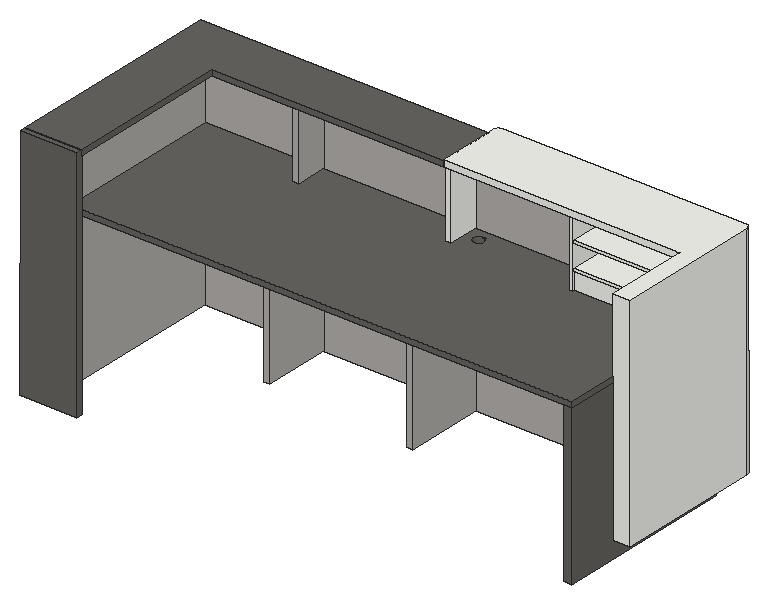
Revit family "Table-Teknion-CWRF_Reception_Full_Enclosure-R2016", category Furniture, Revit 2018
Family settings
  OmniClass Number = 23.40.20.00
  OmniClass Title = General Furniture and Specialties
  Work Plane-Based = No
  Always vertical = Yes
  Cut with Voids When Loaded = No
  Shared = Yes
  Room Calculation Point = No
Parameters (values of type "Right Transaction Counter")
  Worksurface Finish [instance] = Wood - Teknion - DZ - Truffle
  Width Availability [instance] = if(Center, "132, 144, and 156 Inches", "84, 96, 108, 120, 132, 144, and 156")  # "84, 96, 108, 120, 132, 144, and 156"
  Width 2 [instance] = Width  # 96.000"
  Width [instance] = 96.000"
  Warranty = "http://www.teknion.com/ca/papers/legal-canada"
  Unit Weight URL = "http://www.teknion.com/ca/tools/assets#&asset=bee6a381-b954-425e-8283-5a2de3a804f2,f828d448-4b62-4231-9e5f-9a8991c0ed77"
  URL = "www.teknion.com"
  Transaction Finish [instance] = Wood - Teknion - MV - Solid Surface - Glacier White
  Transaction Counter Modesty Offset [instance] = if(Width > 84.000", 20.000", 16.000")  # 20.000"
  To render, please download texture images found here [instance] = "https://assets.teknion.com/web/5e81352c1dfdb467/revit-material-swatches/"
  Sustainability Data = "https://www.teknion.com/ca/tools/assets#&topic=216f99a5-57a0-44fc-b10a-9dee9b29ae4c&asset=444deb64-fe58-4b68-981e-f75e97781df7,b4ff2d81-9f2e-437d-9659-7cffb09c31cf"
  Series = "Custom Wood"
  Right & Center = or(Right, Center)  # yes
  Right = yes
  Product Page URL = "https://www.teknion.com/ca/products/product-details?productLineId=0d82026f-8e7a-673b-a6c8-ff05004460c4"
  Product Line = "Reception"
  Product Documentation Link = "https://assets.teknion.com/m/148e0412a085a50e/original/Teknion-Reception-Sell-Sheet.pdf"
  Part Number = "CWRF"
  Not Center = not(Center)  # yes
  Model = "CWRF_____R"
  Manufacturer Phone = "416-661-3370"  # constant formula
  Manufacturer Fax = "416.661.4586"  # constant formula
  Manufacturer Contact Information = "http://www.teknion.com/ca/contactus"
  Manufacturer Address = "1150 Flint Road, Toronto, ON. M3J 2J5. Canada"  # constant formula
  Manufacturer = "Teknion"  # constant formula
  Underworksurface offset [instance] = if(Width = 84.000", 22.000", if(Width = 96.000", 27.000", if(Width = 108.000", 32.000", if(Width = 120.000", 35.000", if(Width = 132.000", 38.000", if(Width = 144.000", 41.000", 44.000"))))))  # 27.000"
  Left & Center = or(Left, Center)  # no
  Left = no
  How To Use Teknion Materials User Guide [instance] = "https://assets.teknion.com/m/205dd0a49fa58060/original/How-to-add-a-Material-Library-and-Texture-Images-to-your-Revit-project.pdf"
  Hardware Finish [instance] = Seamless Paint - Teknion - Y5 - Atrium White
  Full Length Left [instance] = and(Left, not(Desk Square Addon Left))  # no
  Full Length Right [instance] = and(Right, not(Desk Square Addon Right))  # yes
  For Additional Finishes, please visit [instance] = "https://assets.teknion.com/m/44a8009b046e5d47/original/Teknion_Materials_Library.zip"
  Desk Surface Offset [instance] = if(Width > 108.000", 23.000", 3.000")  # 3.000"
  Desk Square Addon Right [instance] = and(Right, Width > 119.000")  # no
  Desk Square Addon Left [instance] = and(Left, Width > 119.000")  # no
  Description = "Teknion Reception with Full Enclosure, Right Transaction Counter"
  Depth Availability [instance] = "42, 48, and 54 Inches"  # constant formula
  Depth [instance] = 42.000"
  Counter Edge Offset [instance] = if(Width = 84.000", 39.000", if(Width = 96.000", 42.000", if(Width = 108.000", 45.000", if(Width = 120.000", 48.000", if(Width = 132.000", 51.000", if(Width = 144.000", 54.000", 57.000"))))))  # 42.000"
  Center Offest [instance] = if(Width = 144.000", 30.000", if(Width = 156.000", 28.500", 27.000"))  # 27.000"
  Center = no
  Base Finish [instance] = Veneer-Teknion-5S-Flintwood-Silverwash
  Assembly Code = "E2020200"
Reference planes (in)
  plane 1 "Center Front/Back": y = 0
  plane 2: z = 0
  plane 3 "Center Left/Right": x = 0
  plane 4 "Left": x = -48
  plane 5 "Right": x = 48
  plane 6 "Back": y = 21
  plane 7 "Front": y = -21
  plane 8 "Top": z = 42.12156
  plane 9: x = -45
  plane 10: y = 15
  plane 11: x = 45
  plane 12: x = -45
  plane 13: y = -15
  plane 14: x = 45
  plane 15: y = 19
  plane 16: x = -3
  plane 17: x = 3
  plane 18: x = -27
  plane 19: x = 27
  plane 20: x = -44
  plane 21: x = 44
  plane 22: x = -24
  plane 23: x = 24
Forms (in)
  Sweep 1, solid, material "Wood - Teknion - DZ - Truffle" <- "Worksurface Finish", visible <- "Left"
    path origin (0, 0, 0) x (1, 0, 0) y (0, 1, 0)
      loop
        line (0, -15) -> (0, 17)
    profile origin (0, 1, 0) x (-1, 0, 0) y (0, 0, 1)
      loop
        line (45, 28) -> (43.5, 28) -> (43.5, 0) -> (45, 0) -> (45, 28)
  Sweep 2, solid, material "Wood - Teknion - DZ - Truffle" <- "Worksurface Finish", visible <- "Right"
    path origin (0, 0, 0) x (1, 0, 0) y (0, 1, 0)
      loop
        line (0, -15) -> (0, 17)
    profile origin (0, 1, 0) x (-1, 0, 0) y (0, 0, 1)
      loop
        line (-45, 0) -> (-43.5, 0) -> (-43.5, 28) -> (-45, 28) -> (-45, 0)
  Sweep 3, solid, material "Wood - Teknion - DZ - Truffle" <- "Worksurface Finish", visible <- "Left"
    path origin (0, 0, 0) x (1, 0, 0) y (0, 1, 0)
      loop
        line (-3, 19) -> (48, 19) -> (48, -19.961)
    profile origin (22.5, 19, 0) x (0, 1, 0) y (0, 0, 1)
      loop
        line (0, 42) -> (-10, 42) -> (-10, 41.06063) -> (-0.75, 41.06063) -> (-0.75, 38) -> (-0.05906, 38) -> (-0.05906, 41.00157) -> (-0.17717, 41.00157) -> (-0.17717, 41.06063) -> (0, 41.06063) -> (0, 42)
  Sweep 4, solid, material "Wood - Teknion - DZ - Truffle" <- "Worksurface Finish", visible <- "Right"
    path origin (0, 0, 0) x (1, 0, 0) y (0, 1, 0)
      loop
        line (3, 19) -> (-48, 19) -> (-48, -19.961)
    profile origin (-22.5, 19, 0) x (0, -1, 0) y (0, 0, 1)
      loop
        line (0, 42) -> (0, 41.06063) -> (0.17717, 41.06063) -> (0.17717, 41.00157) -> (0.05906, 41.00157) -> (0.05906, 38) -> (0.75, 38) -> (0.75, 41.06063) -> (10, 41.06063) -> (10, 42) -> (0, 42)
  Sweep 5, solid, material "Veneer-Teknion-5S-Flintwood-Silverwash" <- "Base Finish", visible <- "Left"
    path origin (0, 0, 0) x (1, 0, 0) y (0, 1, 0)
      loop
        line (-3, 15) -> (44, 15) -> (44, -19.961)
    profile origin (20.5, 15, 0) x (0, 1, 0) y (0, 0, 1)
      loop
        line (1, 41) -> (0, 41) -> (0, 0) -> (1, 0) -> (1, 41)
  Sweep 6, solid, material "Veneer-Teknion-5S-Flintwood-Silverwash" <- "Base Finish", visible <- "Right"
    path origin (0, 0, 0) x (1, 0, 0) y (0, 1, 0)
      loop
        line (3, 15) -> (-44, 15) -> (-44, -19.961)
    profile origin (-20.5, 15, 0) x (0, -1, 0) y (0, 0, 1)
      loop
        line (-1, 0) -> (0, 0) -> (0, 41) -> (-1, 41) -> (-1, 0)
  Sweep 7, solid, material "Wood - Teknion - DZ - Truffle" <- "Worksurface Finish", visible <- "Left & Center"
    path origin (0, 0, 0) x (1, 0, 0) y (0, 0, 1)
      loop
        line (0, 42) -> (0, 0)
    profile origin (0, 0, 21) x (0, -1, 0) y (1, 0, 0)
      loop
        line (19.961, 38) -> (21, 38) -> (21, 48) -> (19.961, 48) -> (19.961, 38)
  Sweep 8, solid, material "Wood - Teknion - DZ - Truffle" <- "Worksurface Finish", visible <- "Right & Center"
    path origin (0, 0, 0) x (1, 0, 0) y (0, 0, 1)
      loop
        line (0, 0) -> (0, 42)
    profile origin (0, 0, 21) x (-1, 0, 0) y (0, -1, 0)
      loop
        line (48, 19.961) -> (48, 21) -> (38, 21) -> (38, 19.961) -> (48, 19.961)
  Sweep 9, solid, material "Veneer-Teknion-5S-Flintwood-Silverwash" <- "Base Finish", visible <- "Left"
    path origin (0, 0, 0) x (1, 0, 0) y (0, 0, 1)
      loop
        line (0, 3.05906) -> (0, 41)
    profile origin (0, 0, 22.02953) x (-1, 0, 0) y (0, -1, 0)
      loop
        line (-45.5, -16.5) -> (2.8, -16.5) -> (2.8, -16) -> (-45.5, -16) -> (-45.5, -16.5)
  Sweep 10, solid, material "Veneer-Teknion-5S-Flintwood-Silverwash" <- "Base Finish", visible <- "Left & Center"
    path origin (0, 0, 0) x (1, 0, 0) y (0, 0, 1)
      loop
        line (0, 3.05906) -> (0, 41)
    profile origin (0, 0, 22.02953) x (-1, 0, 0) y (0, -1, 0)
      loop
        line (-45.5, -16) -> (-45, -16) -> (-45, 19.961) -> (-45.5, 19.961) -> (-45.5, -16)
  Sweep 11, solid, material "Veneer-Teknion-5S-Flintwood-Silverwash" <- "Base Finish", visible <- "Right"
    path origin (0, 0, 0) x (1, 0, 0) y (0, 0, 1)
      loop
        line (0, 3.05906) -> (0, 41)
    profile origin (0, 0, 22.02953) x (-1, 0, 0) y (0, -1, 0)
      loop
        line (-2.8, -16.5) -> (45.5, -16.5) -> (45.5, -16) -> (-2.8, -16) -> (-2.8, -16.5)
  Sweep 12, solid, material "Veneer-Teknion-5S-Flintwood-Silverwash" <- "Base Finish", visible <- "Right & Center"
    path origin (0, 0, 0) x (1, 0, 0) y (0, 0, 1)
      loop
        line (0, 3.05906) -> (0, 41)
    profile origin (0, 0, 22.02953) x (-1, 0, 0) y (0, -1, 0)
      loop
        line (45.5, -16) -> (45.5, 19.961) -> (45, 19.961) -> (45, -16) -> (45.5, -16)
  Sweep 13, solid, material "Veneer-Teknion-5S-Flintwood-Silverwash" <- "Base Finish", visible <- "Left"
    path origin (0, 0, 0) x (1, 0, 0) y (0, 1, 0)
      loop
        line (0, 15) -> (0, 16)
    profile origin (0, 15.5, 0) x (-1, 0, 0) y (0, 0, 1)
      loop
        arc (25.5, 27) -> (25.14645, 27.14645) -> (25, 27.5) r 0.5
        line (25, 27.5) -> (25, 41) -> (3, 41) -> (3, 0) -> (43.5, 0) -> (43.5, 27) -> (25.5, 27)
  Sweep 14, solid, material "Veneer-Teknion-5S-Flintwood-Silverwash" <- "Base Finish", visible <- "Right"
    path origin (0, 0, 0) x (1, 0, 0) y (0, 1, 0)
      loop
        line (0, 15) -> (0, 16)
    profile origin (0, 15.5, 0) x (-1, 0, 0) y (0, 0, 1)
      loop
        line (-25.5, 27) -> (-43.5, 27) -> (-43.5, 0) -> (-3, 0) -> (-3, 41) -> (-25, 41) -> (-25, 27.5)
        arc (-25, 27.5) -> (-25.14645, 27.14645) -> (-25.5, 27) r 0.5
  Sweep 15, solid, material "Wood - Teknion - DZ - Truffle" <- "Worksurface Finish", visible <- "Center"
    path origin (0, 0, 0) x (1, 0, 0) y (0, 1, 0)
      loop
        line (-27, 19) -> (-48, 19) -> (-48, -19.961)
    profile origin (-37.5, 19, 0) x (0, -1, 0) y (0, 0, 1)
      loop
        line (0, 42) -> (0, 41.06063) -> (0.17717, 41.06063) -> (0.17717, 41.00157) -> (0.05906, 41.00157) -> (0.05906, 38) -> (0.75, 38) -> (0.75, 41.06063) -> (10, 41.06063) -> (10, 42) -> (0, 42)
  Sweep 16, solid, material "Wood - Teknion - DZ - Truffle" <- "Worksurface Finish", visible <- "Center"
    path origin (0, 0, 0) x (1, 0, 0) y (0, 1, 0)
      loop
        line (27, 19) -> (48, 19) -> (48, -19.961)
    profile origin (37.5, 19, 0) x (0, 1, 0) y (0, 0, 1)
      loop
        line (-0.05906, 41.00157) -> (-0.17717, 41.00157) -> (-0.17717, 41.06063) -> (0, 41.06063) -> (0, 42) -> (-10, 42) -> (-10, 41.06063) -> (-0.75, 41.06063) -> (-0.75, 38) -> (-0.05906, 38) -> (-0.05906, 41.00157)
  Sweep 17, solid, material "Veneer-Teknion-5S-Flintwood-Silverwash" <- "Base Finish", visible <- "Center"
    path origin (0, 0, 0) x (1, 0, 0) y (0, 0, 1)
      loop
        line (0, 0) -> (0, 41)
    profile origin (0, 0, 20.5) x (-1, 0, 0) y (0, -1, 0)
      loop
        line (44, -15) -> (27, -15) -> (27, -16) -> (45, -16) -> (45, 19.961) -> (44, 19.961) -> (44, -15)
      loop
        line (-44, -15) -> (-44, 19.961) -> (-45, 19.961) -> (-45, -16) -> (-27, -16) -> (-27, -15) -> (-44, -15)
  Sweep 18, solid, material "Veneer-Teknion-5S-Flintwood-Silverwash" <- "Base Finish", visible <- "Center"
    path origin (0, 0, 0) x (1, 0, 0) y (0, 0, 1)
      loop
        line (0, 3.05906) -> (0, 41)
    profile origin (0, 0, 22.02953) x (-1, 0, 0) y (0, -1, 0)
      loop
        line (45.5, -16.5) -> (45.5, -16) -> (27, -16) -> (27, -16.5) -> (45.5, -16.5)
      loop
        line (-45.5, -16.5) -> (-27, -16.5) -> (-27, -16) -> (-45.5, -16) -> (-45.5, -16.5)
  Sweep 19, solid, material "Veneer-Teknion-5S-Flintwood-Silverwash" <- "Base Finish", visible <- "Center"
    path origin (0, 0, 0) x (1, 0, 0) y (0, 0, 1)
      loop
        line (0, 0) -> (0, 28)
    profile origin (0, 0, 14) x (-1, 0, 0) y (0, -1, 0)
      loop
        line (27, -15) -> (27, -7) -> (25.961, -7) -> (25.961, -15) -> (27, -15)
      loop
        line (-25.961, -15) -> (-25.961, -7) -> (-27, -7) -> (-27, -15) -> (-25.961, -15)
  Sweep 20, solid, material "Veneer-Teknion-5S-Flintwood-Silverwash" <- "Base Finish", visible <- "Left"
    path origin (0, 0, 0) x (1, 0, 0) y (0, 0, 1)
      loop
        line (0, 0) -> (0, 28)
    profile origin (0, 0, 14) x (-1, 0, 0) y (0, -1, 0)
      loop
        line (3, -1) -> (3, -15) -> (4, -15) -> (4, -1) -> (3, -1)
  Sweep 21, solid, material "Veneer-Teknion-5S-Flintwood-Silverwash" <- "Base Finish", visible <- "Right"
    path origin (0, 0, 0) x (1, 0, 0) y (0, 0, 1)
      loop
        line (0, 0) -> (0, 28)
    profile origin (0, 0, 14) x (-1, 0, 0) y (0, -1, 0)
      loop
        line (-4, -15) -> (-3, -15) -> (-3, -1) -> (-4, -1) -> (-4, -15)
  Sweep 22, solid, material "Wood - Teknion - DZ - Truffle" <- "Worksurface Finish", visible <- "Center"
    path origin (0, 0, 0) x (1, 0, 0) y (0, 1, 0)
      loop
        line (0, -15) -> (0, 15)
    profile origin (0, 0, 0) x (-1, 0, 0) y (0, 0, 1)
      loop
        line (-27, 28) -> (27, 28) -> (27, 29.039) -> (-27, 29.039) -> (-27, 28)
  Sweep 23, solid, material "Wood - Teknion - DZ - Truffle" <- "Worksurface Finish", visible <- "Center"
    path origin (0, 0, 0) x (1, 0, 0) y (0, 1, 0)
      loop
        line (0, -15) -> (0, 15)
    profile origin (0, 0, 0) x (-1, 0, 0) y (0, 0, 1)
      loop
        line (44, 29.039) -> (27, 29.039) -> (27, 28) -> (44, 28) -> (44, 29.039)
      loop
        line (-44, 29.039) -> (-44, 28) -> (-27, 28) -> (-27, 29.039) -> (-44, 29.039)
  Sweep 24, solid, material "Wood - Teknion - DZ - Truffle" <- "Worksurface Finish", visible <- "Full Length Right"
    path origin (0, 0, 0) x (1, 0, 0) y (0, 1, 0)
      loop
        line (0, -15) -> (0, 15)
    profile origin (0, 0, 0) x (-1, 0, 0) y (0, 0, 1)
      loop
        line (44, 29.039) -> (-45, 29.039) -> (-45, 28) -> (44, 28) -> (44, 29.039)
  Sweep 25, solid, material "Wood - Teknion - DZ - Truffle" <- "Worksurface Finish", visible <- "Full Length Left"
    path origin (0, 0, 0) x (1, 0, 0) y (0, 1, 0)
      loop
        line (0, -15) -> (0, 15)
    profile origin (0, 0, 0) x (-1, 0, 0) y (0, 0, 1)
      loop
        line (45, 29.039) -> (-44, 29.039) -> (-44, 28) -> (45, 28) -> (45, 29.039)
  Sweep 26, solid, material "Wood - Teknion - DZ - Truffle" <- "Worksurface Finish", visible <- "Desk Square Addon Left"
    path origin (0, 0, 0) x (1, 0, 0) y (0, 1, 0)
      loop
        line (0, -15) -> (0, 15)
    profile origin (0, 0, 0) x (-1, 0, 0) y (0, 0, 1)
      loop
        line (3, 29.039) -> (3, 28) -> (45, 28) -> (45, 29.039) -> (3, 29.039)
  Sweep 27, solid, material "Wood - Teknion - DZ - Truffle" <- "Worksurface Finish", visible <- "Desk Square Addon Left"
    path origin (0, 0, 0) x (1, 0, 0) y (0, 1, 0)
      loop
        line (0, -15) -> (0, 15)
    profile origin (0, 0, 0) x (-1, 0, 0) y (0, 0, 1)
      loop
        line (3, 29.039) -> (-44, 29.039) -> (-44, 28) -> (3, 28) -> (3, 29.039)
  Sweep 28, solid, material "Wood - Teknion - DZ - Truffle" <- "Worksurface Finish", visible <- "Desk Square Addon Right"
    path origin (0, 0, 0) x (1, 0, 0) y (0, 1, 0)
      loop
        line (0, -15) -> (0, 15)
    profile origin (0, 0, 0) x (-1, 0, 0) y (0, 0, 1)
      loop
        line (-3, 29.039) -> (-45, 29.039) -> (-45, 28) -> (-3, 28) -> (-3, 29.039)
  Sweep 29, solid, material "Wood - Teknion - DZ - Truffle" <- "Worksurface Finish", visible <- "Desk Square Addon Right"
    path origin (0, 0, 0) x (1, 0, 0) y (0, 1, 0)
      loop
        line (0, -15) -> (0, 15)
    profile origin (0, 0, 0) x (-1, 0, 0) y (0, 0, 1)
      loop
        line (44, 29.039) -> (-3, 29.039) -> (-3, 28) -> (44, 28) -> (44, 29.039)
  Sweep 30, solid, material "Veneer-Teknion-5S-Flintwood-Silverwash" <- "Base Finish", visible <- "Desk Square Addon Right"
    path origin (0, 0, 0) x (1, 0, 0) y (0, 1, 0)
      loop
        line (3, 0) -> (1.961, 0)
    profile origin (2.4805, 0, 0) x (0, -1, 0) y (0, 0, 1)
      loop
        line (-15, 0) -> (-1, 0) -> (-1, 28) -> (-15, 28) -> (-15, 0)
  Sweep 31, solid, material "Veneer-Teknion-5S-Flintwood-Silverwash" <- "Base Finish", visible <- "Desk Square Addon Left"
    path origin (0, 0, 0) x (1, 0, 0) y (0, 1, 0)
      loop
        line (-3, 0) -> (-1.961, 0)
    profile origin (-2.4805, 0, 0) x (0, 1, 0) y (0, 0, 1)
      loop
        line (15, 0) -> (15, 28) -> (1, 28) -> (1, 0) -> (15, 0)
  Sweep 32, solid, material "Veneer-Teknion-5S-Flintwood-Silverwash" <- "Base Finish", visible <- "Right"
    path origin (0, 0, 0) x (1, 0, 0) y (0, 1, 0)
      loop
        line (-24, 0) -> (-22.961, 0)
    profile origin (-23.4805, 0, 0) x (0, 1, 0) y (0, 0, 1)
      loop
        line (3, 28) -> (3, 0) -> (15, 0) -> (15, 28) -> (3, 28)
      loop
        line (9.5, 41.0625) -> (9.5, 29.039) -> (15, 29.039) -> (15, 41.0625) -> (9.5, 41.0625)
  Sweep 33, solid, material "Veneer-Teknion-5S-Flintwood-Silverwash" <- "Base Finish", visible <- "Left"
    path origin (0, 0, 0) x (1, 0, 0) y (0, 1, 0)
      loop
        line (22.961, 0) -> (24, 0)
    profile origin (23.4805, 0, 0) x (0, 1, 0) y (0, 0, 1)
      loop
        line (3, 0) -> (15, 0) -> (15, 28) -> (3, 28) -> (3, 0)
      loop
        line (9.5, 29.0625) -> (15, 29.0625) -> (15, 41.0625) -> (9.5, 41.0625) -> (9.5, 29.0625)
  Sweep 34, solid, material "Veneer-Teknion-5S-Flintwood-Silverwash" <- "Base Finish", visible <- "Center"
    path origin (0, 0, 0) x (1, 0, 0) y (0, 1, 0)
      loop
        line (0, 15) -> (0, 7)
    profile origin (0, 11, 0) x (1, 0, 0) y (0, 0, 1)
      loop
        line (-27, 28) -> (-28.039, 28) -> (-28.039, 0) -> (-27, 0) -> (-27, 28)
      loop
        line (27, 28) -> (27, 0) -> (28.039, 0) -> (28.039, 28) -> (27, 28)
  Sweep 35, void
    path origin (0, 0, 0) x (1, 0, 0) y (0, 1, 0)
      loop
        line (-45.5, 0) -> (45.5, 0)
    profile origin (0, 0, 0) x (0, 1, 0) y (0, 0, 1)
      loop
        circle (13, 26) r 1.25
  Sweep 36, void
    path origin (0, 0, 0) x (1, 0, 0) y (0, 0, 1)
      loop
        line (0, 29.039) -> (0, 28)
    profile origin (0, 0, 28.5195) x (0, -1, 0) y (1, 0, 0)
      loop
        circle (-12.5, 6.5) r 1
  Sweep 37, void
    path origin (0, 0, 0.125) x (1, 0, 0) y (0, 0, 1)
      loop
        line (0, 28.91437) -> (0, 27.875)
    profile origin (0, 0, 28.51969) x (0, -1, 0) y (1, 0, 0)
      loop
        circle (-12.5, -6.5) r 1
  Sweep 38, void
    path origin (0, 0, 0) x (1, 0, 0) y (0, 0, 1)
      loop
        line (0, 29.039) -> (0, 28)
    profile origin (0, 0, 28.5195) x (0, -1, 0) y (1, 0, 0)
      loop
        circle (-12.5, -23.461) r 1
      loop
        circle (-12.5, 23.461) r 1
  Sweep 39, solid, material "Seamless Paint - Teknion - Y5 - Atrium White" <- "Hardware Finish", visible <- "Right"
    path origin (0, 0, 0) x (1, 0, 0) y (0, 1, 0)
      loop
        line (-43.75, 0) -> (43.25, 0)
    profile origin (-0.25, 0, 0) x (0, 1, 0) y (0, 0, 1)
      loop
        line (0.85, 27.94) -> (0.85, 28) -> (-0.25, 28) -> (-0.25, 26.5) -> (-1.75, 26.5) -> (-1.75, 28) -> (-2.85, 28) -> (-2.85, 27.94) -> (-1.81, 27.94) -> (-1.81, 26.44) -> (-0.19, 26.44) -> (-0.19, 27.94) -> (0.85, 27.94)
  Sweep 40, solid, material "Seamless Paint - Teknion - Y5 - Atrium White" <- "Hardware Finish", visible <- "Left"
    path origin (0, 0, 0) x (1, 0, 0) y (0, 1, 0)
      loop
        line (-43.25, 0) -> (43.75, 0)
    profile origin (0.25, 0, 0) x (0, 1, 0) y (0, 0, 1)
      loop
        line (-2.85, 27.94) -> (-1.81, 27.94) -> (-1.81, 26.44) -> (-0.19, 26.44) -> (-0.19, 27.94) -> (0.85, 27.94) -> (0.85, 28) -> (-0.25, 28) -> (-0.25, 26.5) -> (-1.75, 26.5) -> (-1.75, 28) -> (-2.85, 28) -> (-2.85, 27.94)
  Sweep 41, solid, material "Seamless Paint - Teknion - Y5 - Atrium White" <- "Hardware Finish", visible <- "Center"
    path origin (0, 0, 0) x (1, 0, 0) y (0, 1, 0)
      loop
        line (-43.75, 0) -> (-1.75, 0)
    profile origin (-22.75, 0, 0) x (0, 1, 0) y (0, 0, 1)
      loop
        line (-1.81, 26.44) -> (-0.19, 26.44) -> (-0.19, 27.94) -> (0.85, 27.94) -> (0.85, 28) -> (-0.25, 28) -> (-0.25, 26.5) -> (-1.75, 26.5) -> (-1.75, 28) -> (-2.85, 28) -> (-2.85, 27.94) -> (-1.81, 27.94) -> (-1.81, 26.44)
  Sweep 42, solid, material "Seamless Paint - Teknion - Y5 - Atrium White" <- "Hardware Finish", visible <- "Center"
    path origin (0, 0, 0) x (1, 0, 0) y (0, 1, 0)
      loop
        line (1.75, 0) -> (43.75, 0)
    profile origin (22.75, 0, 0) x (0, 1, 0) y (0, 0, 1)
      loop
        line (-0.19, 26.44) -> (-0.19, 27.94) -> (0.85, 27.94) -> (0.85, 28) -> (-0.25, 28) -> (-0.25, 26.5) -> (-1.75, 26.5) -> (-1.75, 28) -> (-2.85, 28) -> (-2.85, 27.94) -> (-1.81, 27.94) -> (-1.81, 26.44) -> (-0.19, 26.44)
Cuts and joins
  Sweep 35 cuts Sweep 1
  Sweep 35 cuts Sweep 34
  Sweep 35 cuts Sweep 19
  Sweep 35 cuts Sweep 32
  Sweep 35 cuts Sweep 20
  Sweep 35 cuts Sweep 31
  Sweep 35 cuts Sweep 30
  Sweep 35 cuts Sweep 21
  Sweep 35 cuts Sweep 33
  Sweep 35 cuts Sweep 2
  Sweep 36 cuts Sweep 28
  Sweep 36 cuts Sweep 24
  Sweep 37 cuts Sweep 26
  Sweep 37 cuts Sweep 25
  Sweep 38 cuts Sweep 22
Lines and regions (in)
  Masking region 1, visible <- "Right"
    outline origin (0, 0, 0) x (1, 0, 0) y (0, 1, 0)
      loop
        line (-48, 19) -> (-48, -19.961) -> (-38, -19.961) -> (-38, 9) -> (3, 9) -> (3, 19) -> (-48, 19)
  Masking region 2, visible <- "Left"
    outline origin (0, 0, 0) x (1, 0, 0) y (0, 1, 0)
      loop
        line (-3, 19) -> (-3, 9) -> (38, 9) -> (38, -19.961) -> (48, -19.961) -> (48, 19) -> (-3, 19)
  Masking region 3, visible <- "Center"
    outline origin (0, 0, 0) x (1, 0, 0) y (0, 1, 0)
      loop
        line (-27, 19) -> (-48, 19) -> (-48, -19.961) -> (-38, -19.961) -> (-38, 9) -> (-27, 9) -> (-27, 19)
      loop
        line (27, 19) -> (27, 9) -> (38, 9) -> (38, -19.961) -> (48, -19.961) -> (48, 19) -> (27, 19)
  Masking region 4, visible <- "Right & Center"
    outline origin (0, 0, 0) x (1, 0, 0) y (0, 1, 0)
      loop
        line (-48, -21) -> (-38, -21) -> (-38, -19.961) -> (-48, -19.961) -> (-48, -21)
  Masking region 5, visible <- "Left & Center"
    outline origin (0, 0, 0) x (1, 0, 0) y (0, 1, 0)
      loop
        line (38, -19.961) -> (38, -21) -> (48, -21) -> (48, -19.961) -> (38, -19.961)
  Masking region 6, visible <- "Desk Square Addon Right"
    outline origin (0, 0, 0) x (1, 0, 0) y (0, 1, 0)
      loop
        line (-38, 9) -> (-38, -15) -> (3, -15) -> (3, 9) -> (-38, 9)
  Masking region 7, visible <- "Desk Square Addon Right"
    outline origin (0, 0, 0) x (1, 0, 0) y (0, 1, 0)
      loop
        line (3, 9) -> (3, -15) -> (45, -15) -> (45, 9) -> (3, 9)
  Masking region 8, visible <- "Desk Square Addon Left"
    outline origin (0, 0, 0) x (1, 0, 0) y (0, 1, 0)
      loop
        line (-45, 9) -> (-45, -15) -> (-3, -15) -> (-3, 9) -> (-45, 9)
  Masking region 9, visible <- "Desk Square Addon Left"
    outline origin (0, 0, 0) x (1, 0, 0) y (0, 1, 0)
      loop
        line (-3, 9) -> (-3, -15) -> (38, -15) -> (38, 9) -> (-3, 9)
  Masking region 10, visible <- "Center"
    outline origin (0, 0, 0) x (1, 0, 0) y (0, 1, 0)
      loop
        line (-38, 9) -> (-38, -15) -> (-27, -15) -> (-27, 9) -> (-38, 9)
      loop
        line (27, 9) -> (27, -15) -> (38, -15) -> (38, 9) -> (27, 9)
  Masking region 11, visible <- "Center"
    outline origin (0, 0, 0) x (1, 0, 0) y (0, 1, 0)
      loop
        line (-27, 9) -> (-27, -15) -> (27, -15) -> (27, 9) -> (-27, 9)
  Masking region 12, visible <- "Full Length Right"
    outline origin (0, 0, 0) x (1, 0, 0) y (0, 1, 0)
      loop
        line (-38, 9) -> (-38, -15) -> (45, -15) -> (45, 9) -> (-38, 9)
  Masking region 13, visible <- "Full Length Left"
    outline origin (0, 0, 0) x (1, 0, 0) y (0, 1, 0)
      loop
        line (38, 9) -> (-45, 9) -> (-45, -15) -> (38, -15) -> (38, 9)
  symbolic lines, style "FurnitureHiddenLines", visible <- "Left", detail levels medium+fine
    curve 1: line (-43.5, -15, 0) -> (-43.5, 17, 0)
    curve 2: line (-43.5, 17, 0) -> (-45, 17, 0)
    curve 3: line (-45, 17, 0) -> (-45, -15, 0)
    curve 4: line (-45, -15, 0) -> (-43.5, -15, 0)
    curve 18: line (-4, 15, 0) -> (-4, 1, 0)
    curve 19: line (-4, 1, 0) -> (-3, 1, 0)
    curve 20: line (-3, 1, 0) -> (-3, 15, 0)
    curve 21: line (-3, 15, 0) -> (-4, 15, 0)
    curve 39: line (45.5, 16, 0) -> (-3, 16, 0)
    curve 41: line (-3, 16, 0) -> (-43.5, 16, 0)
    curve 83: line (22.961, 3, 0) -> (22.961, 15, 0)
    curve 84: line (22.961, 3, 0) -> (24, 3, 0)
    curve 85: line (24, 3, 0) -> (24, 15, 0)
  symbolic lines, style "FurnitureHiddenLines", visible <- "Right", detail levels medium+fine
    curve 5: line (43.5, 17, 0) -> (43.5, -15, 0)
    curve 6: line (43.5, -15, 0) -> (45, -15, 0)
    curve 7: line (45, -15, 0) -> (45, 17, 0)
    curve 8: line (45, 17, 0) -> (43.5, 17, 0)
    curve 22: line (4, 1, 0) -> (4, 15, 0)
    curve 23: line (4, 15, 0) -> (3, 15, 0)
    curve 24: line (3, 15, 0) -> (3, 1, 0)
    curve 25: line (3, 1, 0) -> (4, 1, 0)
    curve 38: line (3, 16, 0) -> (-45.5, 16, 0)
    curve 40: line (3, 16, 0) -> (43.5, 16, 0)
    curve 79: line (-24, 3, 0) -> (-24, 15, 0)
    curve 80: line (-24, 3, 0) -> (-22.961, 3, 0)
    curve 81: line (-22.961, 3, 0) -> (-22.961, 15, 0)
  symbolic lines, style "FurnitureHiddenLines", visible <- "Center", detail levels medium+fine
    curve 9: line (-25.961, 7, 0) -> (-25.961, 15, 0)
    curve 10: line (-25.961, 15, 0) -> (-27, 15, 0)
    curve 11: line (-27, 15, 0) -> (-27, 7, 0)
    curve 12: line (-27, 7, 0) -> (-25.961, 7, 0)
    curve 13: line (25.961, 15, 0) -> (25.961, 7, 0)
    curve 14: line (25.961, 7, 0) -> (27, 7, 0)
    curve 15: line (27, 7, 0) -> (27, 15, 0)
    curve 16: line (27, 15, 0) -> (25.961, 15, 0)
    curve 17: line (0.75, 15, 0) -> (-0.75, 15, 0)
    curve 27: line (-44, 15, 0) -> (-27, 15, 0)
    curve 28: line (-27, 15, 0) -> (-27, 16, 0)
    curve 29: line (-27, 16, 0) -> (-45.5, 16, 0)
    curve 32: line (45.5, 16, 0) -> (27, 16, 0)
    curve 33: line (27, 16, 0) -> (27, 15, 0)
    curve 34: line (27, 15, 0) -> (44, 15, 0)
    curve 50: line (47.94094, 18.94094, 0) -> (27, 18.94094, 0)
    curve 51: line (47.82283, 18.82283, 0) -> (27, 18.82283, 0)
    curve 52: line (27, 18.25, 0) -> (47.25, 18.25, 0)
    curve 53: line (-27, 18.94094, 0) -> (-47.94094, 18.94094, 0)
    curve 54: line (-27, 18.82283, 0) -> (-47.82283, 18.82283, 0)
    curve 55: line (-47.25, 18.25, 0) -> (-27, 18.25, 0)
  symbolic lines, style "FurnitureHiddenLines", visible <- "Right & Center", detail levels medium+fine
    curve 26: line (-44, -19.961, 0) -> (-44, 15, 0)
    curve 30: line (-45.5, 16, 0) -> (-45.5, -19.961, 0)
    curve 31: line (-45.5, -19.961, 0) -> (-44, -19.961, 0)
    curve 42: line (-38, -15, 0) -> (-45, -15, 0)
    curve 106: line (-45, 16, 0) -> (-45, -19.961, 0)
    curve 109: line (3, 16.5, 0) -> (-45.5, 16.5, 0)
    curve 110: line (-45.5, 16.5, 0) -> (-45.5, 16, 0)
  symbolic lines, style "FurnitureHiddenLines", visible <- "Left & Center", detail levels medium+fine
    curve 35: line (44, 15, 0) -> (44, -19.961, 0)
    curve 36: line (44, -19.961, 0) -> (45, -19.961, 0)
    curve 43: line (38, -15, 0) -> (45, -15, 0)
    curve 78: line (45.5, 16, 0) -> (45.5, -19.961, 0)
    curve 105: line (45, -19.961, 0) -> (45, 16, 0)
    curve 107: line (45.5, 16, 0) -> (45.5, 16.5, 0)
    curve 108: line (45.5, 16.5, 0) -> (-3, 16.5, 0)
  symbolic lines, style "FurnitureHiddenLines", detail levels medium+fine
    curve 37: line (-45, 15, 0) -> (45, 15, 0)
  symbolic lines, style "FurnitureHiddenLines", visible <- "Right & Center", detail levels fine
    curve 44: line (-47.94094, 18.94094, 0) -> (-47.94094, -19.961, 0)
    curve 45: line (-47.82283, 18.82283, 0) -> (-47.82283, -19.961, 0)
    curve 46: line (-47.25, -19.961, 0) -> (-47.25, 18.25, 0)
    curve 90: line (-43.75, -2.85, 0) -> (-43.75, 0.85, 0)
  symbolic lines, style "FurnitureHiddenLines", visible <- "Left & Center", detail levels fine
    curve 47: line (47.94094, -19.961, 0) -> (47.94094, 18.94094, 0)
    curve 48: line (47.82283, -19.961, 0) -> (47.82283, 18.82283, 0)
    curve 49: line (47.25, 18.25, 0) -> (47.25, -19.961, 0)
    curve 94: line (43.75, -2.85, 0) -> (43.75, 0.85, 0)
  symbolic lines, style "FurnitureHiddenLines", visible <- "Right", detail levels fine
    curve 56: line (-47.25, 18.25, 0) -> (3, 18.25, 0)
    curve 57: line (3, 18.82283, 0) -> (-47.82283, 18.82283, 0)
    curve 58: line (3, 18.94094, 0) -> (-47.94094, 18.94094, 0)
    curve 74: arc (6.5, 13.5, 0) -> (7.5, 12.5, 0) -> (6.5, 11.5, 0) r 1
    curve 75: arc (6.5, 11.5, 0) -> (5.5, 12.5, 0) -> (6.5, 13.5, 0) r 1
    curve 82: line (-24, 9.5, 0) -> (-22.961, 9.5, 0)
    curve 101: line (-43.75, 0.85, 0) -> (43.25, 0.85, 0)
    curve 102: line (-43.75, -2.85, 0) -> (43.25, -2.85, 0)
    curve 103: line (43.25, -2.85, 0) -> (43.25, 0.85, 0)
  symbolic lines, style "FurnitureHiddenLines", visible <- "Left", detail levels fine
    curve 59: line (-3, 18.25, 0) -> (47.25, 18.25, 0)
    curve 60: line (47.82283, 18.82283, 0) -> (-3, 18.82283, 0)
    curve 61: line (47.94094, 18.94094, 0) -> (-3, 18.94094, 0)
    curve 76: arc (-6.5, 11.5, 0) -> (-7.5, 12.5, 0) -> (-6.5, 13.5, 0) r 1
    curve 77: arc (-6.5, 13.5, 0) -> (-5.5, 12.5, 0) -> (-6.5, 11.5, 0) r 1
    curve 86: line (22.961, 9.5, 0) -> (24, 9.5, 0)
    curve 99: line (-43.25, -2.85, 0) -> (43.75, -2.85, 0)
    curve 100: line (-43.25, 0.85, 0) -> (43.75, 0.85, 0)
    curve 104: line (-43.25, -2.85, 0) -> (-43.25, 0.85, 0)
  reference lines, not visible
    curve 62: line (-48, 21, 0) -> (48, 21, 0)
    curve 63: line (-48, -21, 0) -> (-48, 21, 0)
    curve 64: line (48, -21, 0) -> (-48, -21, 0)
    curve 65: line (48, 21, 0) -> (48, -21, 0)
  symbolic lines, style "FurnitureHiddenLines", visible <- "Desk Square Addon Right", detail levels medium+fine
    curve 66: line (1.961, 1, 0) -> (3, 1, 0)
    curve 67: line (1.961, 15, 0) -> (1.961, 1, 0)
  symbolic lines, style "FurnitureHiddenLines", visible <- "Desk Square Addon Left", detail levels medium+fine
    curve 68: line (-3, 1, 0) -> (-1.961, 1, 0)
    curve 69: line (-1.961, 1, 0) -> (-1.961, 15, 0)
  symbolic lines, style "FurnitureHiddenLines", visible <- "Center", detail levels fine
    curve 70: arc (-23.461, 13.5, 0) -> (-22.461, 12.5, 0) -> (-23.461, 11.5, 0) r 1
    curve 71: arc (-23.461, 11.5, 0) -> (-24.461, 12.5, 0) -> (-23.461, 13.5, 0) r 1
    curve 72: arc (23.461, 11.5, 0) -> (22.461, 12.5, 0) -> (23.461, 13.5, 0) r 1
    curve 73: arc (23.461, 13.5, 0) -> (24.461, 12.5, 0) -> (23.461, 11.5, 0) r 1
    curve 87: line (-1.75, 0.85, 0) -> (-43.75, 0.85, 0)
    curve 88: line (-43.75, -2.85, 0) -> (-1.75, -2.85, 0)
    curve 89: line (-1.75, -2.85, 0) -> (-1.75, 0.85, 0)
    curve 91: line (1.75, -2.85, 0) -> (1.75, 0.85, 0)
    curve 92: line (43.75, 0.85, 0) -> (1.75, 0.85, 0)
    curve 93: line (1.75, -2.85, 0) -> (43.75, -2.85, 0)
    curve 95: line (-1.75, -1.75, 0) -> (-43.75, -1.75, 0)
    curve 96: line (-43.75, -0.25, 0) -> (-1.75, -0.25, 0)
    curve 97: line (43.75, -1.75, 0) -> (1.75, -1.75, 0)
    curve 98: line (1.75, -0.25, 0) -> (43.75, -0.25, 0)
Dimensions and locks (in)
  "Width": plane 4 "Left" to plane 5 "Right"
  "Depth": plane 6 "Back" to plane 7 "Front"
  locked: plane 8 "Top" to level at 42.12156
  locked: plane 4 "Left" to plane 9 at 3
  plane 6 "Back" to plane 15 to plane 10 = 2.000" locked, 4.000" locked
  locked: plane 11 to plane 5 "Right" at 3
  locked: plane 6 "Back" to plane 13 at 36
  locked: plane 6 "Back" to Sweep 1 sketch curve at 4
  locked: Sweep 1 sketch curve to plane 9 at 1.5
  locked: Sweep 1 sketch curve to level at 28
  locked: plane 11 to Sweep 2 sketch curve at 1.5
  locked: Sweep 2 sketch curve to level at 28
  "Desk Surface Offset": plane 4 "Left" to plane 12
  equal spacing: plane 4 "Left", plane 3 "Center Left/Right", plane 5 "Right"
  "Desk Surface Offset": plane 14 to plane 5 "Right"
  equal spacing: plane 6 "Back", plane 1 "Center Front/Back", plane 7 "Front"
  locked: plane 7 "Front" to Sweep 3 sketch curve at 1.039
  "Counter Edge Offset": plane 9 to plane 16
  "Counter Edge Offset": plane 17 to plane 11
  plane 15 to Sweep 3 sketch curve to Sweep 3 sketch curve to Sweep 3 sketch curve to Sweep 3 sketch curve = 0.05906" locked, 0.11811" locked, 0.57283" locked, 9.250" locked
  Sweep 3 sketch curve to Sweep 3 sketch curve to Sweep 3 sketch curve to Sweep 3 sketch curve to Sweep 3 sketch curve to level = 0.93937" locked, 0.000" locked, 0.05906" locked, 3.00157" locked, 38.000" locked
  locked: plane 7 "Front" to Sweep 4 sketch curve at 1.039
  plane 15 to Sweep 4 sketch curve to Sweep 4 sketch curve to Sweep 4 sketch curve to Sweep 4 sketch curve = 0.05906" locked, 0.11811" locked, 0.57283" locked, 9.250" locked
  Sweep 4 sketch curve to Sweep 4 sketch curve to Sweep 4 sketch curve to Sweep 4 sketch curve to Sweep 4 sketch curve to level = 0.93937" locked, 0.000" locked, 0.05906" locked, 3.00157" locked, 38.000" locked
  locked: plane 7 "Front" to Sweep 5 sketch curve at 1.039
  locked: Sweep 5 sketch curve to level at 41
  locked: Sweep 5 sketch curve to plane 10 at 1
  locked: plane 7 "Front" to Sweep 6 sketch curve at 1.039
  locked: Sweep 6 sketch curve to level at 41
  locked: Sweep 6 sketch curve to plane 10 at 1
  locked: Sweep 7 sketch curve to level at 42
  locked: plane 7 "Front" to Sweep 7 sketch curve at 1.039
  locked: Sweep 7 sketch curve to plane 5 "Right" at 10
  locked: Sweep 8 sketch curve to level at 42
  locked: plane 7 "Front" to Sweep 8 sketch curve at 1.039
  locked: plane 4 "Left" to Sweep 8 sketch curve at 10
  Sweep 9 sketch curve to Sweep 9 sketch curve to level = 37.94094" locked, 3.05906" locked
  locked: plane 16 to Sweep 9 sketch curve at 0.2
  Sweep 9 sketch curve to Sweep 9 sketch curve to plane 10 = 0.500" locked, 1.000" locked
  locked: Sweep 9 sketch curve to plane 5 "Right" at 2.5
  Sweep 10 sketch curve to Sweep 10 sketch curve to level = 37.94094" locked, 3.05906" locked
  locked: plane 7 "Front" to Sweep 10 sketch curve at 1.039
  Sweep 10 sketch curve to Sweep 10 sketch curve to plane 5 "Right" = 0.500" locked, 2.500" locked
  locked: Sweep 10 sketch curve to plane 10 at 1
  Sweep 11 sketch curve to Sweep 11 sketch curve to level = 37.94094" locked, 3.05906" locked
  locked: plane 4 "Left" to Sweep 11 sketch curve at 2.5
  locked: Sweep 11 sketch curve to plane 17 at 0.2
  plane 10 to Sweep 11 sketch curve to Sweep 11 sketch curve = 1.000" locked, 0.500" locked
  Sweep 12 sketch curve to Sweep 12 sketch curve to level = 37.94094" locked, 3.05906" locked
  locked: plane 7 "Front" to Sweep 12 sketch curve at 1.039
  locked: plane 10 to Sweep 12 sketch curve at 1
  plane 4 "Left" to Sweep 12 sketch curve to Sweep 12 sketch curve = 2.500" locked, 0.500" locked
  locked: Sweep 13 sketch curve to plane 10 at 1
  Sweep 13 sketch curve to Sweep 13 sketch curve to Sweep 13 sketch curve to level = 13.500" locked, 0.500" locked, 27.000" locked
  locked: Sweep 13 sketch curve to plane 9 at 1.5
  "Transaction Counter Modesty Offset": Sweep 13 sketch curve to plane 9
  locked: Sweep 13 sketch curve to Sweep 13 sketch curve at 0.5
  locked: Sweep 14 sketch curve to plane 10 at 1
  locked: plane 11 to Sweep 14 sketch curve at 1.5
  "Transaction Counter Modesty Offset": plane 11 to Sweep 14 sketch curve
  locked: Sweep 14 sketch curve to Sweep 14 sketch curve at 0.5
  Sweep 14 sketch curve to Sweep 14 sketch curve to level = 14.000" locked, 27.000" locked
  "Center Offest": plane 18 to plane 3 "Center Left/Right"
  "Center Offest": plane 3 "Center Left/Right" to plane 19
  locked: plane 7 "Front" to Sweep 15 sketch curve at 1.039
  plane 15 to Sweep 15 sketch curve to Sweep 15 sketch curve to Sweep 15 sketch curve to Sweep 15 sketch curve = 0.05906" locked, 0.11811" locked, 0.57283" locked, 9.250" locked
  Sweep 15 sketch curve to Sweep 15 sketch curve to Sweep 15 sketch curve to Sweep 15 sketch curve to Sweep 15 sketch curve to level = 0.93937" locked, 0.000" locked, 0.05906" locked, 3.00157" locked, 38.000" locked
  locked: plane 7 "Front" to Sweep 16 sketch curve at 1.039
  plane 15 to Sweep 16 sketch curve to Sweep 16 sketch curve to Sweep 16 sketch curve to Sweep 16 sketch curve = 0.05906" locked, 0.11811" locked, 0.57283" locked, 9.250" locked
  Sweep 16 sketch curve to Sweep 16 sketch curve to Sweep 16 sketch curve to Sweep 16 sketch curve to Sweep 16 sketch curve to level = 0.93937" locked, 0.000" locked, 0.05906" locked, 3.00157" locked, 38.000" locked
  locked: Sweep 17 sketch curve to level at 41
  locked: plane 7 "Front" to Sweep 17 sketch curve at 1.039  (x2)
  locked: Sweep 17 sketch curve to plane 10 at 1  (x2)
  Sweep 18 sketch curve to Sweep 18 sketch curve to level = 37.94094" locked, 3.05906" locked
  Sweep 18 sketch curve to Sweep 18 sketch curve to plane 10 = 0.500" locked, 1.000" locked  (x2)
  locked: Sweep 19 sketch curve to level at 28
  locked: plane 10 to Sweep 19 sketch curve at 8  (x2)
  locked: plane 18 to Sweep 19 sketch curve at 1.039
  locked: Sweep 19 sketch curve to plane 19 at 1.039
  locked: Sweep 20 sketch curve to level at 28
  locked: Sweep 20 sketch curve to plane 16 at 1
  locked: Sweep 21 sketch curve to level at 28
  locked: plane 17 to Sweep 21 sketch curve at 1
  locked: plane 10 to Sweep 21 sketch curve at 14
  locked: plane 10 to Sweep 20 sketch curve at 14
  locked: plane 4 "Left" to Sweep 18 sketch curve at 2.5
  locked: Sweep 18 sketch curve to plane 5 "Right" at 2.5
  locked: plane 7 "Front" to Masking region 1 sketch curve at 1.039
  locked: plane 6 "Back" to Masking region 1 sketch curve at 12
  locked: plane 4 "Left" to Masking region 1 sketch curve at 10
  locked: plane 6 "Back" to Masking region 2 sketch curve at 12
  locked: Masking region 2 sketch curve to plane 5 "Right" at 10
  locked: plane 7 "Front" to Masking region 2 sketch curve at 1.039
  locked: plane 4 "Left" to Masking region 3 sketch curve at 10
  locked: plane 6 "Back" to Masking region 3 sketch curve at 12  (x2)
  locked: plane 7 "Front" to Masking region 3 sketch curve at 1.039  (x2)
  locked: Masking region 3 sketch curve to plane 5 "Right" at 10
  locked: curve 38 to plane 9 at 0.5
  locked: plane 11 to curve 39 at 0.5
  locked: curve 40 to plane 11 at 1.5
  locked: plane 9 to curve 41 at 1.5
  curve 43 to curve 43 to plane 11 = 7.000" locked, 0.000" locked
  plane 9 to curve 42 to curve 42 = 0.000" locked, 7.000" locked
  locked: plane 4 "Left" to plane 20 at 4
  locked: plane 21 to plane 5 "Right" at 4
  locked: Sweep 17 sketch curve to plane 20 at 1
  locked: plane 21 to Sweep 17 sketch curve at 1
  Sweep 22 sketch curve to Sweep 22 sketch curve to level = 1.039" locked, 28.000" locked
  Sweep 23 sketch curve to Sweep 23 sketch curve to Sweep 23 sketch curve to Sweep 23 sketch curve to level = 0.000" locked, 1.039" locked, 0.000" locked, 28.000" locked
  Sweep 24 sketch curve to Sweep 24 sketch curve to level = 1.039" locked, 28.000" locked
  Sweep 25 sketch curve to Sweep 25 sketch curve to level = 1.039" locked, 28.000" locked
  Sweep 26 sketch curve to Sweep 26 sketch curve to level = 1.039" locked, 28.000" locked
  Sweep 27 sketch curve to Sweep 27 sketch curve to level = 1.039" locked, 28.000" locked
  Sweep 28 sketch curve to Sweep 28 sketch curve to level = 1.039" locked, 28.000" locked
  Sweep 29 sketch curve to Sweep 29 sketch curve to level = 1.039" locked, 28.000" locked
  locked: Sweep 30 sketch curve to plane 17 at 1.039
  plane 6 "Back" to Sweep 30 sketch curve to Sweep 30 sketch curve = 6.000" locked, 14.000" locked
  locked: Sweep 30 sketch curve to level at 28
  locked: plane 16 to Sweep 31 sketch curve at 1.039
  locked: Sweep 31 sketch curve to level at 28
  plane 6 "Back" to Sweep 31 sketch curve to Sweep 31 sketch curve = 6.000" locked, 14.000" locked
  "Underworksurface offset": plane 22 to plane 17
  "Underworksurface offset": plane 16 to plane 23
  locked: plane 22 to Sweep 32 sketch curve at 1.039
  Sweep 32 sketch curve to Sweep 32 sketch curve to Sweep 32 sketch curve to level = 12.0235", 1.039", 28.000"
  plane 6 "Back" to Sweep 32 sketch curve to Sweep 32 sketch curve to Sweep 32 sketch curve to Sweep 32 sketch curve = 6.000" locked, 0.000" locked, 5.500" locked, 6.500" locked
  locked: Sweep 33 sketch curve to plane 23 at 1.039
  Sweep 33 sketch curve to Sweep 33 sketch curve to Sweep 33 sketch curve to level = 12.000" locked, 1.0625" locked, 28.000" locked
  plane 6 "Back" to Sweep 33 sketch curve to Sweep 33 sketch curve to Sweep 33 sketch curve to Sweep 33 sketch curve = 6.000" locked, 0.000" locked, 5.500" locked, 6.500" locked
  locked: plane 10 to Sweep 34 sketch curve at 8
  locked: Sweep 34 sketch curve to plane 18 at 1.039
  locked: Sweep 34 sketch curve to plane 19 at 1.039
  Sweep 34 sketch curve to Sweep 34 sketch curve to level = 0.000" locked, 28.000" locked
  locked: plane 4 "Left" to Sweep 35 sketch curve at 2.5
  locked: Sweep 35 sketch curve to plane 5 "Right" at 2.5
  locked: plane 10 to Sweep 35 sketch curve at 2
  locked: Sweep 35 sketch curve to level at 26
  locked: plane 17 to Sweep 36 sketch curve at 3.5
  locked: plane 6 "Back" to Sweep 36 sketch curve at 8.5
  Sweep 37 sketch curve to Sweep 37 sketch curve to level = 1.03937" locked, 28.000" locked
  locked: plane 6 "Back" to Sweep 37 sketch curve at 8.5
  locked: Sweep 37 sketch curve to plane 16 at 3.5
  Sweep 36 sketch curve to Sweep 36 sketch curve to level = 1.039" locked, 28.000" locked
  Sweep 38 sketch curve to Sweep 38 sketch curve to level = 1.039" locked, 28.000" locked
  locked: plane 18 to Sweep 38 sketch curve at 3.539
  locked: Sweep 38 sketch curve to plane 19 at 3.539
  locked: plane 6 "Back" to Sweep 38 sketch curve at 8.5  (x2)
  locked: plane 4 "Left" to Masking region 6 sketch curve at 10
  locked: plane 6 "Back" to Masking region 6 sketch curve at 12
  locked: plane 6 "Back" to Masking region 7 sketch curve at 12
  locked: Masking region 7 sketch curve to plane 5 "Right" at 3
  locked: plane 4 "Left" to Masking region 8 sketch curve at 3
  locked: plane 6 "Back" to Masking region 8 sketch curve at 12
  locked: plane 6 "Back" to Masking region 9 sketch curve at 12
  locked: Masking region 9 sketch curve to plane 5 "Right" at 10
  locked: plane 4 "Left" to Masking region 10 sketch curve at 10
  plane 6 "Back" to Masking region 10 sketch curve to Masking region 10 sketch curve = 12.000" locked, 0.000" locked
  locked: Masking region 10 sketch curve to plane 5 "Right" at 10
  locked: plane 6 "Back" to Masking region 11 sketch curve at 12
  locked: plane 6 "Back" to Masking region 12 sketch curve at 12
  locked: plane 4 "Left" to Masking region 12 sketch curve at 10
  locked: Masking region 12 sketch curve to plane 5 "Right" at 3
  locked: plane 4 "Left" to Masking region 13 sketch curve at 3
  locked: Masking region 13 sketch curve to plane 5 "Right" at 10
  locked: plane 6 "Back" to Masking region 13 sketch curve at 12
  locked: plane 4 "Left" to Sweep 39 sketch curve at 4.25
  locked: Sweep 39 sketch curve to plane 5 "Right" at 4.75
  Sweep 39 sketch curve to Sweep 39 sketch curve to Sweep 39 sketch curve to Sweep 39 sketch curve to Sweep 39 sketch curve to Sweep 39 sketch curve to plane 13 = 1.040" locked, 0.060" locked, 1.500" locked, 0.060" locked, 1.040" locked, 12.150" locked
  Sweep 39 sketch curve to Sweep 39 sketch curve to Sweep 39 sketch curve to Sweep 39 sketch curve to Sweep 39 sketch curve to Sweep 39 sketch curve to level = 0.000" locked, 0.060" locked, 0.000" locked, 1.440" locked, 0.060" locked, 26.440" locked
  locked: plane 4 "Left" to Sweep 40 sketch curve at 4.75
  locked: Sweep 40 sketch curve to plane 5 "Right" at 4.25
  plane 13 to Sweep 40 sketch curve to Sweep 40 sketch curve to Sweep 40 sketch curve to Sweep 40 sketch curve to Sweep 40 sketch curve to Sweep 40 sketch curve = 12.150" locked, 1.040" locked, 0.060" locked, 1.500" locked, 0.060" locked, 1.040" locked
  Sweep 40 sketch curve to Sweep 40 sketch curve to Sweep 40 sketch curve to Sweep 40 sketch curve to Sweep 40 sketch curve to Sweep 40 sketch curve to level = 0.000" locked, 0.060" locked, 0.000" locked, 1.440" locked, 0.060" locked, 26.440" locked
  locked: Sweep 41 sketch curve to plane 3 "Center Left/Right" at 1.75
  locked: plane 4 "Left" to Sweep 41 sketch curve at 4.25
  Sweep 41 sketch curve to Sweep 41 sketch curve to Sweep 41 sketch curve to Sweep 41 sketch curve to Sweep 41 sketch curve to Sweep 41 sketch curve to plane 13 = 1.040" locked, 0.060" locked, 1.500" locked, 0.060" locked, 1.040" locked, 12.150" locked
  Sweep 41 sketch curve to Sweep 41 sketch curve to Sweep 41 sketch curve to Sweep 41 sketch curve to Sweep 41 sketch curve to Sweep 41 sketch curve to level = 0.000" locked, 0.060" locked, 0.000" locked, 1.440" locked, 0.060" locked, 26.440" locked
  locked: plane 3 "Center Left/Right" to Sweep 42 sketch curve at 1.75
  locked: Sweep 42 sketch curve to plane 5 "Right" at 4.25
  Sweep 42 sketch curve to Sweep 42 sketch curve to Sweep 42 sketch curve to Sweep 42 sketch curve to Sweep 42 sketch curve to Sweep 42 sketch curve to plane 13 = 1.040" locked, 0.060" locked, 1.500" locked, 0.060" locked, 1.040" locked, 12.150" locked
  Sweep 42 sketch curve to Sweep 42 sketch curve to Sweep 42 sketch curve to Sweep 42 sketch curve to Sweep 42 sketch curve to Sweep 42 sketch curve to level = 0.000" locked, 0.060" locked, 0.000" locked, 1.440" locked, 0.060" locked, 26.440" locked
  aligned and locked: level to plane 2
  aligned and locked: plane 11 to nested 2
  aligned and locked: plane 13 to Sweep 1 sketch curve
  aligned and locked: plane 3 "Center Left/Right" to Sweep 1 sketch curve
  aligned and locked: plane 9 to Sweep 1 sketch curve
  aligned and locked: level to Sweep 1 sketch curve
  aligned and locked: plane 13 to Sweep 2 sketch curve
  aligned and locked: plane 3 "Center Left/Right" to Sweep 2 sketch curve
  aligned and locked: Sweep 2 sketch curve to level
  aligned and locked: plane 11 to Sweep 2 sketch curve
  aligned and locked: plane 9 to nested 1
  aligned and locked: nested 1 to plane 10
  aligned and locked: plane 15 to Sweep 3 sketch curve
  aligned and locked: plane 5 "Right" to Sweep 3 sketch curve
  aligned and locked: plane 17 to nested 2
  aligned and locked: Sweep 3 sketch curve to plane 15
  aligned and locked: Sweep 4 sketch curve to plane 4 "Left"
  aligned and locked: Sweep 4 sketch curve to plane 15  (x2)
  aligned and locked: plane 17 to Sweep 4 sketch curve
  aligned and locked: Sweep 5 sketch curve to plane 10
  aligned and locked: plane 16 to Sweep 5 sketch curve
  aligned and locked: level to Sweep 5 sketch curve
  aligned and locked: plane 10 to Sweep 5 sketch curve
  aligned and locked: Sweep 6 sketch curve to nested 1
  aligned and locked: plane 17 to Sweep 6 sketch curve
  aligned and locked: Sweep 6 sketch curve to level
  aligned and locked: Sweep 6 sketch curve to plane 10
  aligned and locked: level to Sweep 7 sketch curve
  aligned and locked: Sweep 7 sketch curve to plane 3 "Center Left/Right"
  aligned and locked: plane 5 "Right" to Sweep 7 sketch curve
  aligned and locked: Sweep 7 sketch curve to plane 7 "Front"
  aligned and locked: level to Sweep 8 sketch curve
  aligned and locked: plane 3 "Center Left/Right" to Sweep 8 sketch curve
  aligned and locked: Sweep 8 sketch curve to plane 7 "Front"
  aligned and locked: plane 4 "Left" to Sweep 8 sketch curve
  aligned and locked: plane 3 "Center Left/Right" to Sweep 9 sketch curve
  aligned and locked: plane 3 "Center Left/Right" to Sweep 10 sketch curve
  aligned and locked: plane 3 "Center Left/Right" to Sweep 11 sketch curve
  aligned and locked: plane 3 "Center Left/Right" to Sweep 12 sketch curve
  aligned and locked: plane 3 "Center Left/Right" to Sweep 13 sketch curve
  aligned and locked: plane 10 to Sweep 13 sketch curve
  aligned and locked: Sweep 13 sketch curve to level
  aligned and locked: plane 16 to Sweep 13 sketch curve
  aligned and locked: plane 3 "Center Left/Right" to Sweep 14 sketch curve
  aligned and locked: plane 10 to Sweep 14 sketch curve
  aligned and locked: plane 17 to Sweep 14 sketch curve
  aligned and locked: level to Sweep 14 sketch curve
  aligned and locked: plane 3 "Center Left/Right" to nested 3
  aligned and locked: Sweep 15 sketch curve to plane 15  (x2)
  aligned and locked: Sweep 15 sketch curve to plane 4 "Left"
  aligned and locked: plane 18 to Sweep 15 sketch curve
  aligned and locked: plane 19 to Sweep 16 sketch curve
  aligned and locked: plane 15 to Sweep 16 sketch curve
  aligned and locked: plane 5 "Right" to Sweep 16 sketch curve
  aligned and locked: Sweep 16 sketch curve to plane 15
  aligned and locked: plane 3 "Center Left/Right" to Sweep 17 sketch curve
  aligned and locked: level to Sweep 17 sketch curve
  aligned and locked: Sweep 17 sketch curve to plane 18
  aligned and locked: plane 19 to Sweep 17 sketch curve
  aligned and locked: Sweep 17 sketch curve to plane 10
  aligned and locked: plane 10 to Sweep 17 sketch curve
  aligned and locked: plane 3 "Center Left/Right" to Sweep 18 sketch curve
  aligned and locked: Sweep 18 sketch curve to plane 19
  aligned and locked: plane 18 to Sweep 18 sketch curve
  aligned and locked: plane 3 "Center Left/Right" to Sweep 19 sketch curve
  aligned and locked: level to Sweep 19 sketch curve
  aligned and locked: Sweep 19 sketch curve to plane 18
  aligned and locked: Sweep 19 sketch curve to plane 10  (x2)
  aligned and locked: Sweep 19 sketch curve to plane 19
  aligned and locked: level to Sweep 20 sketch curve
  aligned and locked: plane 3 "Center Left/Right" to Sweep 20 sketch curve
  aligned and locked: Sweep 20 sketch curve to plane 16
  aligned and locked: plane 3 "Center Left/Right" to Sweep 21 sketch curve
  aligned and locked: level to Sweep 21 sketch curve
  aligned and locked: plane 17 to Sweep 21 sketch curve
  aligned and locked: Sweep 21 sketch curve to plane 10
  aligned and locked: Sweep 20 sketch curve to plane 10
  aligned and locked: plane 4 "Left" to Masking region 1 sketch curve
  aligned and locked: plane 15 to Masking region 1 sketch curve
  aligned and locked: Masking region 1 sketch curve to plane 17
  aligned and locked: plane 16 to Masking region 2 sketch curve
  aligned and locked: plane 15 to Masking region 2 sketch curve
  aligned and locked: Masking region 2 sketch curve to plane 5 "Right"
  aligned and locked: Masking region 3 sketch curve to plane 4 "Left"
  aligned and locked: Masking region 3 sketch curve to plane 15
  aligned and locked: Masking region 3 sketch curve to plane 18
  aligned and locked: plane 19 to Masking region 3 sketch curve
  aligned and locked: plane 15 to Masking region 3 sketch curve
  aligned and locked: plane 5 "Right" to Masking region 3 sketch curve
  aligned and locked: curve 2 to Sweep 1
  aligned and locked: curve 4 to Sweep 1
  aligned and locked: curve 5 to Sweep 2
  aligned and locked: curve 6 to Sweep 2
  aligned and locked: curve 8 to Sweep 2
  aligned and locked: curve 9 to Sweep 19
  aligned and locked: curve 10 to Sweep 19
  aligned and locked: curve 12 to Sweep 19
  aligned and locked: curve 13 to Sweep 19
  aligned and locked: curve 14 to Sweep 19
  aligned and locked: curve 15 to Sweep 19
  aligned and locked: curve 18 to Sweep 20
  aligned and locked: curve 19 to Sweep 20
  aligned and locked: curve 20 to Sweep 20
  aligned and locked: curve 21 to Sweep 20
  aligned and locked: curve 22 to Sweep 21
  aligned and locked: curve 23 to Sweep 21
  aligned and locked: curve 24 to Sweep 21
  aligned and locked: curve 25 to Sweep 21
  aligned and locked: Sweep 17 to curve 26
  aligned and locked: curve 27 to Sweep 17
  aligned and locked: curve 28 to Sweep 17
  aligned and locked: curve 29 to Sweep 17
  aligned and locked: curve 31 to Sweep 17
  aligned and locked: curve 32 to Sweep 17
  aligned and locked: curve 33 to Sweep 17
  aligned and locked: curve 34 to Sweep 17
  aligned and locked: curve 35 to Sweep 17
  aligned and locked: curve 36 to Sweep 17
  aligned and locked: plane 11 to curve 37
  aligned and locked: curve 37 to plane 10
  aligned and locked: plane 17 to curve 40
  aligned and locked: curve 40 to Sweep 14
  aligned and locked: plane 16 to curve 41
  aligned and locked: curve 41 to Sweep 13
  aligned and locked: plane 13 to curve 42
  aligned and locked: curve 43 to plane 13
  aligned and locked: curve 44 to Sweep 15
  aligned and locked: curve 45 to Sweep 15
  aligned and locked: curve 46 to Sweep 15
  aligned and locked: curve 47 to Sweep 16
  aligned and locked: curve 48 to Sweep 16
  aligned and locked: curve 49 to Sweep 16
  aligned and locked: curve 52 to Sweep 16
  aligned and locked: curve 53 to Sweep 15
  aligned and locked: curve 54 to Sweep 15
  aligned and locked: curve 56 to Sweep 4
  aligned and locked: curve 57 to Sweep 4
  aligned and locked: curve 58 to Sweep 4
  aligned and locked: curve 59 to Sweep 3
  aligned and locked: curve 60 to Sweep 3
  aligned and locked: curve 61 to Sweep 3
  aligned and locked: Sweep 6 sketch curve to plane 20
  aligned and locked: Sweep 5 sketch curve to plane 21
  aligned and locked: plane 21 to Sweep 17 sketch curve
  aligned and locked: plane 20 to Sweep 17 sketch curve
  aligned and locked: plane 13 to Sweep 22 sketch curve
  aligned and locked: plane 10 to Sweep 22 sketch curve
  aligned and locked: plane 3 "Center Left/Right" to Sweep 22 sketch curve
  aligned and locked: plane 18 to Sweep 22 sketch curve
  aligned and locked: Sweep 22 sketch curve to plane 19
  aligned and locked: plane 10 to Sweep 23 sketch curve
  aligned and locked: plane 13 to Sweep 23 sketch curve
  aligned and locked: plane 3 "Center Left/Right" to Sweep 23 sketch curve
  aligned and locked: plane 18 to Sweep 23 sketch curve
  aligned and locked: Sweep 23 sketch curve to plane 19
  aligned and locked: plane 21 to Sweep 23 sketch curve
  aligned and locked: plane 20 to Sweep 23 sketch curve
  aligned and locked: plane 6 "Back" to nested 3
  aligned and locked: plane 10 to Sweep 24 sketch curve
  aligned and locked: plane 13 to Sweep 24 sketch curve
  aligned and locked: plane 3 "Center Left/Right" to Sweep 24 sketch curve
  aligned and locked: plane 20 to Sweep 24 sketch curve
  aligned and locked: Sweep 24 sketch curve to plane 14
  aligned and locked: plane 10 to Sweep 25 sketch curve
  aligned and locked: plane 13 to Sweep 25 sketch curve
  aligned and locked: plane 3 "Center Left/Right" to Sweep 25 sketch curve
  aligned and locked: Sweep 25 sketch curve to plane 21
  aligned and locked: plane 12 to Sweep 25 sketch curve
  aligned and locked: plane 10 to Sweep 26 sketch curve
  aligned and locked: plane 13 to Sweep 26 sketch curve
  aligned and locked: plane 3 "Center Left/Right" to Sweep 26 sketch curve
  aligned and locked: plane 16 to Sweep 26 sketch curve
  aligned and locked: plane 10 to Sweep 27 sketch curve
  aligned and locked: plane 3 "Center Left/Right" to Sweep 27 sketch curve
  aligned and locked: plane 13 to Sweep 27 sketch curve
  aligned and locked: plane 16 to Sweep 27 sketch curve
  aligned and locked: Sweep 27 sketch curve to plane 21
  aligned and locked: plane 9 to Sweep 26 sketch curve
  aligned and locked: plane 10 to Sweep 28 sketch curve
  aligned and locked: plane 3 "Center Left/Right" to Sweep 28 sketch curve
  aligned and locked: plane 13 to Sweep 28 sketch curve
  aligned and locked: Sweep 28 sketch curve to plane 11
  aligned and locked: plane 17 to Sweep 28 sketch curve
  aligned and locked: plane 10 to Sweep 29 sketch curve
  aligned and locked: plane 3 "Center Left/Right" to Sweep 29 sketch curve
  aligned and locked: plane 13 to Sweep 29 sketch curve
  aligned and locked: plane 20 to Sweep 29 sketch curve
  aligned and locked: Sweep 29 sketch curve to plane 17
  aligned and locked: nested 2 to plane 8 "Top"
  aligned and locked: plane 17 to Sweep 30 sketch curve
  aligned and locked: Sweep 30 sketch curve to plane 1 "Center Front/Back"
  aligned and locked: Sweep 30 sketch curve to level
